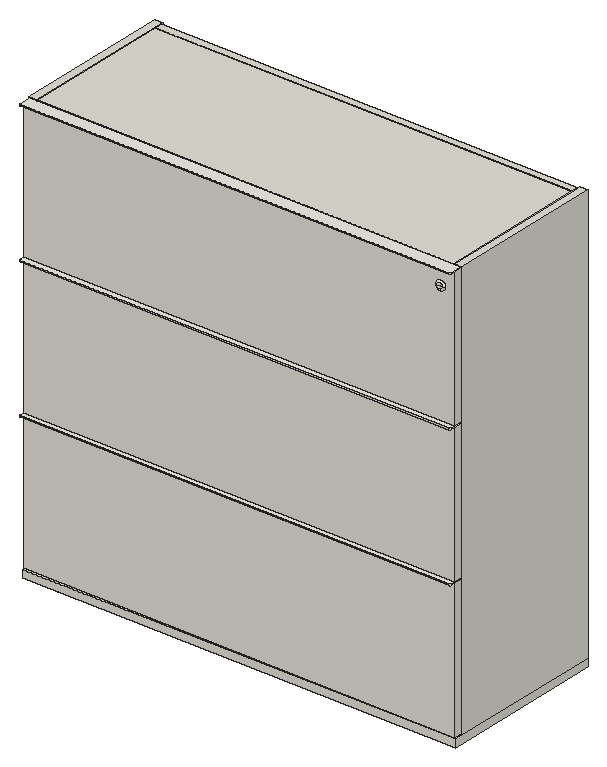
Revit family "Haworth_BeHold_Modular_AttachedLateral", category Furniture Systems, Revit 2018
Family settings
  Round Connector Dimension = Use Diameter
  Part Type = Normal
  OmniClass Number = 23.40.70.14.64.21
  OmniClass Title = Systems Furniture
  Work Plane-Based = No
  Always vertical = Yes
  Cut with Voids When Loaded = No
  Shared = No
  Room Calculation Point = No
Parameters (values of type "F/F/F - Inset Back - 42w")
  With Lock = yes
  With Leg = no
  Wing Pull Length = if(Actual Width < 36", 13 1/8", 16 3/4")  # 16 3/4"
  Wing Pull = no
  Width = 42"
  Warranty = "http://www.haworth.com/resources/product-info/warranties"
  URL - Product = "https://www.haworth.com/na/en/products/active-storage/be-hold.html"
  URL = "www.haworth.com"
  Triple Unit Leg = no
  Trim Finish [instance] = Haworth _ Paint _ Smooth Plaster
  Total Drawer Height = Actual Height - Bottom Case Offset - Case Thickness - 1/4"  # 40 1/2"
  Top Thickness = 3/4"  # constant formula
  Top Drawer Height = if(File File, Bottom Drawer Height, Middle Drawer Height)  # 13.41667"
  Top Drawer Control = not(or(Open with File, Open with Box File))  # yes
  Top Case Front Offset = if(or(Open with File, Open with Box File), 2 1/4", 0")  # 0"
  Top Case Back Control = if(Proud Style, 0", 3/16")  # 3/16"
  Sustainability Info = "https://www.haworth.com/company-info/sustainability"
  Standard Storage Height = if(or(Box File, Open with File), 22", if(or(Box Box File, File File, Open with Box File), 28", 42"))  # 42"
  Size = "Verify Final Dim. w/ Haworth"  # constant formula
  Single Unit Leg = not(or(Double Unit Leg, Triple Unit Leg))  # yes
  Side Case Back Control = if(Proud Style, Case Thickness, 0")  # 0"
  Shelf Offset = if(Open with File, 1/8" + Bottom Drawer Height + 1/16", 1/4" + Bottom Drawer Height + Middle Drawer Height + 1/16")  # 27.14583"
  Shelf Control = or(Open with File, Open with Box File)  # no
  Revision Number = "1"  # constant formula
  Pull Finish [instance] = Haworth _ Paint _ Smooth Plaster
  Proud Style = not(Inset Style)  # no
  Open with File = no
  Open with Box File = no
  Model = "Haworth Be_Hold"  # constant formula
  Min. Width = 24"  # constant formula
  Min. Height = 22"  # constant formula
  Min. Depth = 16"  # constant formula
  Middle Drawer Height = if(File File, (Total Drawer Height - Distance Between Drawer) / 2, if(or(Box File, Open with File, File File File), (Total Drawer Height - Distance Between Drawer) / 3, (Total Drawer Height - Distance Between Drawer) / 4))  # 13.41667"
  Mid Drawer Lock Control = and(With Lock, Open with Box File)  # no
  Leg Height = 6"  # constant formula
  Leg Finish [instance] = Haworth _ Paint _ Sky Blue
  Glide Control = not(or(Actual Single Leg Control, [Actual D/T Leg Control]))  # yes
  File File File = not(or(Box File, Box Box File, File File, Open with File, Open with Box File))  # yes
  Double Unit Leg = no
  Bottom Drawer Offset = Bottom Case Offset + Case Thickness + 1/8"  # 1 3/8"
  Bottom Drawer Lock Control = and(With Lock, Open with File)  # no
  Bottom Drawer Height = if(or(Box File, Open with File), ((Total Drawer Height - Distance Between Drawer) * 2 / 3), if(File File File, ((Total Drawer Height - Distance Between Drawer) / 3), (Total Drawer Height - Distance Between Drawer) / 2))  # 13.41667"
  Middle Drawer Control = not(or(Box File, Open with File, File File))  # yes
  Max. Width = 42"  # constant formula
  Max. Depth = 16"  # constant formula
  Max. Height = 42"  # constant formula
  Manufacturer = "Haworth"  # constant formula
  Linear Pull Length = 8"  # constant formula
  Linear Pull = no
  Inset Style = yes
  Glide Finish = Haworth _ Polymer _ Slate
  Front Finish [instance] = Haworth _ Laminate _ Beige H-34
  Front Edge Finish [instance] = Haworth _ Laminate _ Beige H-34
  File File = no
  Drawer Width = Actual Width - 1/8"  # 41 7/8"
  Distance Between Drawer = if(or(Box File, File File, Open with File), 1/8", 1/4")  # 1/4"
  Description = "Haworth - Be_Hold - Lateral"  # constant formula
  Custom Size = not(or(Width = 24", Width = 30", Width = 36", Width = 42"))  # no
  Cresent Pull = no
  Classic Pull Length = 6 3/4"  # constant formula
  Classic Pull = no
  Case Thickness = 3/4"  # constant formula
  Case Finish [instance] = Haworth _ Laminate _ Beige H-34
  Case Edge Finish [instance] = Haworth _ Laminate _ Beige H-34
  Box File = no
  Box Box File = no
  Bottom Case Offset = if(or(Actual Single Leg Control, [Actual D/T Leg Control]), Leg Height, 1/2")  # 1/2"
  Blade Pull Length = Drawer Width - 1/16"  # 41 13/16"
  Blade Pull = not(or(Cresent Pull, Linear Pull, Classic Pull, Wing Pull))  # yes
  Back Case Side Control = if(Proud Style, 0", Case Thickness)  # 3/4"
  Back Case Back Control = if(Proud Style, 0", 3/16")  # 3/16"
  Author = "Haworth (Alias)"  # constant formula
  Assembly Code = "E2020200"
  Actual Width = if(Width > Max. Width, Max. Width, if(Width < Min. Width, Min. Width, Width))  # 42"
  Actual Single Leg Control = and(With Leg, Single Unit Leg, not(File File File))  # no
  Actual Height = if(or(Actual Single Leg Control, [Actual D/T Leg Control]), Standard Storage Height + Leg Height, Standard Storage Height)  # 42"
  Actual Depth = 16"  # constant formula
  Standard Widths = "24, 30, 36, 42 in."  # constant formula
  Actual D/T Leg Control = and(With Leg, or(Double Unit Leg, Triple Unit Leg), not(File File File))  # no
  16 Deep Leg = Actual Depth = 16"  # yes
Types (8): name | With Leg | Total Drawer Height | Top Drawer Height | Top Drawer Control | Top Case Front Offset | Top Case Back Control | Standard Storage Height | Side Case Back Control | Shelf Offset | Shelf Control | Proud Style | Open with File | Open with Box File | Middle Drawer Height | Mid Drawer Lock Control | Glide Control | File File File | Bottom Drawer Offset | Bottom Drawer Lock Control | Bottom Drawer Height | Middle Drawer Control | Inset Style | File File | Distance Between Drawer | Box File | Box Box File | Bottom Case Offset | Back Case Side Control | Back Case Back Control | Actual Single Leg Control | Actual Height
  B/B/F - Proud Back - 42w | no | 26 1/2" | 6 9/16" | yes | 0" | 0" | 28" | 3/4" | 20" | no | yes | no | no | 6 9/16" | no | yes | no | 1 3/8" | no | 13 1/8" | yes | no | no | 1/4" | no | yes | 1/2" | 0" | 0" | no | 28"
  B/F - Inset Back - 42w | no | 20 1/2" | 6.79167" | yes | 0" | 3/16" | 22" | 0" | 20 11/16" | no | no | no | no | 6.79167" | no | yes | no | 1 3/8" | no | 13.58333" | no | yes | no | 1/8" | yes | no | 1/2" | 3/4" | 3/16" | no | 22"
  O/F - Inset Back - 42w | no | 20 1/2" | 6.79167" | no | 2 1/4" | 3/16" | 22" | 0" | 13.77083" | yes | no | yes | no | 6.79167" | no | yes | no | 1 3/8" | yes | 13.58333" | no | yes | no | 1/8" | no | no | 1/2" | 3/4" | 3/16" | no | 22"
  O/B/F - Proud Back - 42w | no | 26 1/2" | 6 9/16" | no | 2 1/4" | 0" | 28" | 3/4" | 20" | yes | yes | no | yes | 6 9/16" | yes | yes | no | 1 3/8" | no | 13 1/8" | yes | no | no | 1/4" | no | no | 1/2" | 0" | 0" | no | 28"
  F/F - Proud Back - 42w | no | 26 1/2" | 13 3/16" | yes | 0" | 0" | 28" | 3/4" | 26 11/16" | no | yes | no | no | 13 3/16" | no | yes | no | 1 3/8" | no | 13 3/16" | no | no | yes | 1/8" | no | no | 1/2" | 0" | 0" | no | 28"
  F/F/F - Inset Back - 42w | no | 40 1/2" | 13.41667" | yes | 0" | 3/16" | 42" | 0" | 27.14583" | no | no | no | no | 13.41667" | no | yes | yes | 1 3/8" | no | 13.41667" | yes | yes | no | 1/4" | no | no | 1/2" | 3/4" | 3/16" | no | 42"
  O/F - Inset Back - 42w - With Leg | yes | 21" | 6.95833" | no | 2 1/4" | 3/16" | 22" | 0" | 14.10417" | yes | no | yes | no | 6.95833" | no | no | no | 6 7/8" | yes | 13.91667" | no | yes | no | 1/8" | no | no | 6" | 3/4" | 3/16" | yes | 28"
  B/B/F - Proud Back - 42w - With Leg | yes | 27" | 6 11/16" | yes | 0" | 0" | 28" | 3/4" | 20 3/8" | no | yes | no | no | 6 11/16" | no | no | no | 6 7/8" | no | 13 3/8" | yes | no | no | 1/4" | no | yes | 6" | 0" | 0" | yes | 34"
Reference planes (in)
  plane 1: z = 0
  plane 2 "Center L/R": x = -6.17556
  plane 3 "Center F/B": y = -11.5
  plane 4 "Top": z = 42
  plane 5 "Back": y = -3.5
  plane 6 "Front": y = -19.5
  plane 7 "Right": x = 14.82444
  plane 8 "Left": x = -27.17556
  plane 9 "Case Inside Left": x = -26.42556
  plane 10 "Case Inside Right": x = 14.07444
  plane 11 "Case Inside Back": y = -4.25
  plane 12 "Case Bottom": z = 0.5
  plane 13 "Case Inside Front": y = -18.75
  plane 14 "Inside Case Bottom": z = 1.25
  plane 15 "Inside Case Top": z = 41.25
  plane 16 "Top of Top Drawer": z = 41.875
  plane 17 "Bottom of Bottom Drawer": z = 1.375
  plane 18 "Top of Shelf 1": z = 28.39583
  plane 19 "Bottom of Shelf 1": z = 27.64583
Forms (in)
  Sweep 1, solid, material "Haworth _ Polymer _ Slate" <- "Glide Finish", visible <- "Glide Control"
    path origin (-26.42556, 0, 0) x (0, 1, 0) y (0, 0, 1)
      loop
        line (-18.75, 0.5) -> (-18.75, 0)
    profile origin (-26.42556, -18.75, 0.25) x (1, 0, 0) y (0, 1, 0)
      loop
        line (0, 2.00197) -> (0, 0.25)
        arc (0, 0.25) -> (0.07322, 0.07322) -> (0.25, 0) r 0.25
        line (0.25, 0) -> (2.00197, 0)
        arc (2.00197, 0) -> (2.17875, 0.07322) -> (2.25197, 0.25) r 0.25
        line (2.25197, 0.25) -> (2.25197, 0.70079) -> (0.70079, 2.25197) -> (0.25, 2.25197)
        arc (0.25, 2.25197) -> (0.07322, 2.17875) -> (0, 2.00197) r 0.25
  Sweep 2, solid, material "Haworth _ Polymer _ Slate" <- "Glide Finish", visible <- "Glide Control"
    path origin (-26.42556, -23, 0) x (0, -1, 0) y (0, 0, 1)
      loop
        line (-18.75, 0.5) -> (-18.75, 0)
    profile origin (-26.42556, -4.25, 0.25) x (1, 0, 0) y (0, 1, 0)
      loop
        arc (0, -2.00197) -> (0.07322, -2.17875) -> (0.25, -2.25197) r 0.25
        line (0.25, -2.25197) -> (0.70079, -2.25197) -> (2.25197, -0.70079) -> (2.25197, -0.25)
        arc (2.25197, -0.25) -> (2.17875, -0.07322) -> (2.00197, 0) r 0.25
        line (2.00197, 0) -> (0.25, 0)
        arc (0.25, 0) -> (0.07322, -0.07322) -> (0, -0.25) r 0.25
        line (0, -0.25) -> (0, -2.00197)
  Sweep 3, solid, material "Haworth _ Polymer _ Slate" <- "Glide Finish", visible <- "Glide Control"
    path origin (14.07444, 0, 0) x (0, -1, 0) y (0, 0, 1)
      loop
        line (18.75, 0.5) -> (18.75, 0)
    profile origin (14.07444, -18.75, 0.25) x (-1, 0, 0) y (0, -1, 0)
      loop
        arc (0, -2.00197) -> (0.07322, -2.17875) -> (0.25, -2.25197) r 0.25
        line (0.25, -2.25197) -> (0.70079, -2.25197) -> (2.25197, -0.70079) -> (2.25197, -0.25)
        arc (2.25197, -0.25) -> (2.17875, -0.07322) -> (2.00197, 0) r 0.25
        line (2.00197, 0) -> (0.25, 0)
        arc (0.25, 0) -> (0.07322, -0.07322) -> (0, -0.25) r 0.25
        line (0, -0.25) -> (0, -2.00197)
  Sweep 4, solid, material "Haworth _ Polymer _ Slate" <- "Glide Finish", visible <- "Glide Control"
    path origin (14.07444, 0, 0) x (0, -1, 0) y (0, 0, 1)
      loop
        line (4.25, 0.5) -> (4.25, 0)
    profile origin (14.07444, -4.25, 0.25) x (-1, 0, 0) y (0, -1, 0)
      loop
        line (0, 2.00197) -> (0, 0.25)
        arc (0, 0.25) -> (0.07322, 0.07322) -> (0.25, 0) r 0.25
        line (0.25, 0) -> (2.00197, 0)
        arc (2.00197, 0) -> (2.17875, 0.07322) -> (2.25197, 0.25) r 0.25
        line (2.25197, 0.25) -> (2.25197, 0.70079) -> (0.70079, 2.25197) -> (0.25, 2.25197)
        arc (0.25, 2.25197) -> (0.07322, 2.17875) -> (0, 2.00197) r 0.25
  Extrusion 5, solid, material "Haworth _ Laminate _ Beige H-34" <- "Case Finish"
    sketch origin (0, 0, 0) x (1, 0, 0) y (0, 1, 0)
      loop
        line (-27.17556, -3.5) -> (-27.17556, -19.5) -> (14.82444, -19.5) -> (14.82444, -3.5) -> (-27.17556, -3.5)
    from 0.5 to 1.25
  Sweep 6, solid, material "Haworth _ Laminate _ Beige H-34" <- "Case Finish"
    path origin (0, 0, 0.5) x (0, -1, 0) y (1, 0, 0)
      loop
        line (19.5, -27.17556) -> (19.5, -26.42556)
    profile origin (-26.80056, -19.5, 0.5) x (0, 1, 0) y (0, 0, 1)
      loop
        line (0.75, 41.5) -> (0.75, 0.75) -> (16, 0.75) -> (16, 41.5) -> (0.75, 41.5)
  Sweep 7, solid, material "Haworth _ Laminate _ Beige H-34" <- "Case Finish"
    path origin (-12.35111, 0, 0.5) x (0, -1, 0) y (-1, 0, 0)
      loop
        line (19.5, -27.17556) -> (19.5, -26.42556)
    profile origin (14.44944, -19.5, 0.5) x (0, -1, 0) y (0, 0, 1)
      loop
        line (-0.75, 41.5) -> (-16, 41.5) -> (-16, 0.75) -> (-0.75, 0.75) -> (-0.75, 41.5)
  Sweep 8, solid, material "Haworth _ Laminate _ Beige H-34" <- "Case Finish"
    path origin (0, 0, 0.5) x (0, -1, 0) y (1, 0, 0)
      loop
        line (4.4375, -6.17556) -> (3.6875, -6.17556)
    profile origin (-6.17556, -4.0625, 0.5) x (-1, 0, 0) y (0, 0, 1)
      loop
        line (-20.25, 0.75) -> (20.25, 0.75) -> (20.25, 41.5) -> (-20.25, 41.5) -> (-20.25, 0.75)
  Extrusion 9, solid, material "Haworth _ Laminate _ Beige H-34" <- "Case Finish"
    sketch origin (0, 0, 0.5) x (0, -1, 0) y (1, 0, 0)
      loop
        line (4.4375, -26.42556) -> (18.75, -26.42556) -> (18.75, 14.07444) -> (4.4375, 14.07444) -> (4.4375, -26.42556)
    from 40.75 to 41.5
  Extrusion 10, solid, material "Haworth _ Laminate _ Beige H-34" <- "Case Finish", visible <- "Shelf Control"
    sketch origin (0, 0, 0) x (1, 0, 0) y (0, 1, 0)
      loop
        line (-26.42556, -4.25) -> (-26.42556, -18.75) -> (14.07444, -18.75) -> (14.07444, -4.25) -> (-26.42556, -4.25)
    from 27.64583 to 28.39583
Lines and regions (in)
  Masking region 1
    outline origin (0, 0, 41.25) x (0, -1, 0) y (1, 0, 0)
      loop
        line (3.5, -27.17556) -> (19.5, -27.17556) -> (19.5, 14.82444) -> (3.5, 14.82444) -> (3.5, -27.17556)
  symbolic lines, style "Haworth", detail levels medium+fine
    curve 1: line (-27.17556, -18.75, 41.25) -> (14.82444, -18.75, 41.25)
Dimensions and locks (in)
  equal spacing: plane 8 "Left", plane 2 "Center L/R", plane 7 "Right"
  "Actual Width": plane 8 "Left" to plane 7 "Right"
  equal spacing: plane 5 "Back", plane 3 "Center F/B", plane 6 "Front"
  "Actual Depth": plane 5 "Back" to plane 6 "Front"
  "Case Thickness": plane 9 "Case Inside Left" to plane 8 "Left"
  "Case Thickness": plane 10 "Case Inside Right" to plane 7 "Right"
  "Bottom Case Offset": plane 12 "Case Bottom" to plane 1
  "Case Thickness": plane 11 "Case Inside Back" to plane 5 "Back"
  "Case Thickness": plane 6 "Front" to plane 13 "Case Inside Front"
  locked: Sweep 1 sketch curve to plane 12 "Case Bottom" at 0.5
  locked: Sweep 2 sketch curve to plane 12 "Case Bottom" at 0.5
  locked: Sweep 4 sketch curve to plane 12 "Case Bottom" at 0.5
  locked: Sweep 3 sketch curve to plane 12 "Case Bottom" at 0.5
  "Case Thickness": plane 14 "Inside Case Bottom" to plane 12 "Case Bottom"
  "Top Thickness": plane 4 "Top" to plane 15 "Inside Case Top"
  "Side Case Back Control": Sweep 6 sketch curve to plane 5 "Back"
  "Side Case Back Control": Sweep 7 sketch curve to plane 5 "Back"
  "Back Case Side Control": Sweep 8 sketch curve to plane 7 "Right"
  "Back Case Side Control": Sweep 8 sketch curve to plane 8 "Left"
  "Actual Height": plane 4 "Top" to plane 1
  locked: plane 4 "Top" to plane 16 "Top of Top Drawer" at 0.125
  locked: plane 17 "Bottom of Bottom Drawer" to plane 14 "Inside Case Bottom" at 0.125
  locked: nested 2 to nested 1 at 0.125
  "Top Case Front Offset": Extrusion 9 sketch curve to plane 13 "Case Inside Front"
  "Case Thickness": plane 18 "Top of Shelf 1" to plane 19 "Bottom of Shelf 1"
  "Shelf Offset": plane 18 "Top of Shelf 1" to plane 14 "Inside Case Bottom"
  "Back Case Back Control": plane 5 "Back" to Sweep 8 sketch curve
  "Case Thickness": Sweep 8 sketch curve to Sweep 8 sketch curve
  "Top Case Back Control": Extrusion 9 sketch curve to plane 11 "Case Inside Back"
  aligned and locked: Sweep 1 sketch curve to plane 13 "Case Inside Front"
  aligned and locked: plane 12 "Case Bottom" to Sweep 1 sketch curve
  aligned and locked: plane 11 "Case Inside Back" to Sweep 2 sketch curve
  aligned and locked: plane 12 "Case Bottom" to Sweep 2 sketch curve
  aligned and locked: plane 11 "Case Inside Back" to Sweep 4 sketch curve
  aligned and locked: plane 12 "Case Bottom" to Sweep 4 sketch curve
  aligned and locked: Sweep 3 sketch curve to plane 13 "Case Inside Front"
  aligned and locked: plane 12 "Case Bottom" to Sweep 3 sketch curve
  aligned and locked: Extrusion 5 sketch curve to plane 7 "Right"
  aligned and locked: Extrusion 5 sketch curve to plane 5 "Back"
  aligned and locked: plane 8 "Left" to Extrusion 5 sketch curve
  aligned and locked: plane 6 "Front" to Extrusion 5 sketch curve
  aligned and locked: plane 12 "Case Bottom" to Extrusion 5
  aligned and locked: plane 14 "Inside Case Bottom" to Extrusion 5
  aligned and locked: plane 8 "Left" to Sweep 6 sketch curve
  aligned and locked: plane 9 "Case Inside Left" to Sweep 6 sketch curve
  aligned and locked: Sweep 6 sketch curve to plane 6 "Front"
  aligned and locked: Sweep 6 sketch curve to plane 4 "Top"
  aligned and locked: plane 14 "Inside Case Bottom" to Sweep 6 sketch curve
  aligned and locked: plane 6 "Front" to Sweep 7 sketch curve
  aligned and locked: plane 7 "Right" to Sweep 7 sketch curve
  aligned and locked: plane 10 "Case Inside Right" to Sweep 7 sketch curve
  aligned and locked: plane 14 "Inside Case Bottom" to Sweep 7 sketch curve
  aligned and locked: Sweep 7 sketch curve to plane 4 "Top"
  aligned and locked: plane 2 "Center L/R" to Sweep 8 sketch curve
  aligned and locked: plane 4 "Top" to Sweep 8 sketch curve
  aligned and locked: Sweep 8 sketch curve to plane 14 "Inside Case Bottom"
  aligned and locked: plane 10 "Case Inside Right" to Extrusion 9 sketch curve
  aligned and locked: plane 9 "Case Inside Left" to Extrusion 9 sketch curve
  aligned and locked: plane 4 "Top" to Extrusion 9
  aligned and locked: plane 15 "Inside Case Top" to Extrusion 9
  aligned and locked: Masking region 1 sketch curve to plane 7 "Right"
  aligned and locked: Masking region 1 sketch curve to plane 5 "Back"
  aligned and locked: plane 8 "Left" to Masking region 1 sketch curve
  aligned and locked: plane 6 "Front" to Masking region 1 sketch curve
  aligned and locked: curve 1 to plane 13 "Case Inside Front"
  aligned and locked: plane 13 "Case Inside Front" to Sweep 7 sketch curve
  aligned and locked: plane 13 "Case Inside Front" to Sweep 6 sketch curve
  aligned and locked: nested 3 to plane 16 "Top of Top Drawer"
  aligned and locked: plane 6 "Front" to nested 1
  aligned and locked: plane 6 "Front" to nested 2
  aligned and locked: plane 6 "Front" to nested 3
  aligned and locked: plane 2 "Center L/R" to nested 3
  aligned and locked: plane 2 "Center L/R" to nested 2
  aligned and locked: plane 2 "Center L/R" to nested 1
  aligned and locked: plane 10 "Case Inside Right" to Extrusion 10 sketch curve
  aligned and locked: plane 11 "Case Inside Back" to Extrusion 10 sketch curve
  aligned and locked: plane 13 "Case Inside Front" to Extrusion 10 sketch curve
  aligned and locked: plane 9 "Case Inside Left" to Extrusion 10 sketch curve
  aligned and locked: plane 18 "Top of Shelf 1" to Extrusion 10
  aligned and locked: Extrusion 10 to plane 19 "Bottom of Shelf 1"
  aligned and locked: plane 3 "Center F/B" to nested 4
  aligned and locked: nested 4 to plane 12 "Case Bottom"
  aligned and locked: plane 2 "Center L/R" to nested 4
Automatic sketch dimensions
  Sweep 1 sketch curve to plane 9 "Case Inside Left" = 0"
  profile plane to Sweep 1 sketch curve = 0"
  plane 9 "Case Inside Left" to Sweep 1 sketch curve = 1/4"
  Sweep 1 sketch curve to Sweep 1 sketch curve = 1/4"
  Sweep 1 sketch curve to Sweep 1 sketch curve = 0.45079"  (x2)
  Sweep 1 sketch curve to profile plane = 1/4"
  Sweep 1 sketch curve to Sweep 1 sketch curve = 1.75197"  (x2)
  Sweep 2 sketch curve to plane 9 "Case Inside Left" = 0"
  profile plane to Sweep 2 sketch curve = 0"
  Sweep 2 sketch curve to Sweep 2 sketch curve = 1/4"  (x2)
  Sweep 2 sketch curve to Sweep 2 sketch curve = 0.45079"  (x2)
  profile plane to Sweep 2 sketch curve = 1/4"
  Sweep 2 sketch curve to Sweep 2 sketch curve = 1.75197"  (x2)
  Sweep 3 sketch curve to plane 10 "Case Inside Right" = 0"
  Sweep 3 sketch curve to profile plane = 0"
  plane 10 "Case Inside Right" to Sweep 3 sketch curve = 1/4"  (x2)
  Sweep 3 sketch curve to Sweep 3 sketch curve = 0.45079"  (x2)
  profile plane to Sweep 3 sketch curve = 1/4"
  Sweep 3 sketch curve to Sweep 3 sketch curve = 1.75197"  (x2)
  Sweep 4 sketch curve to plane 10 "Case Inside Right" = 0"
  Sweep 4 sketch curve to profile plane = 0"
  plane 10 "Case Inside Right" to Sweep 4 sketch curve = 1/4"  (x2)
  Sweep 4 sketch curve to Sweep 4 sketch curve = 0.45079"  (x2)
  Sweep 4 sketch curve to profile plane = 1/4"
  Sweep 4 sketch curve to Sweep 4 sketch curve = 1.75197"  (x2)
  curve 1 to plane 7 "Right" = 0"
  curve 1 to plane 8 "Left" = 0"
Nested families (in)
  nested 1: "Haworth_BeHold_Drawer_PART" at (-6.17556, -18.36287, 1.375), Drawer Height <- "Bottom Drawer Height", built-in parameter 1001364 <- "Bottom Drawer Offset", With Lock <- "Bottom Drawer Lock Control", type "Haworth_Drawer"
    with With Lock no, Pull Height 13.41667", Drawer Height 13.41667", Wing Pull Length 16 3/4", Wing Pull no, Drawer Width 41 7/8", Blade Pull Length 41 13/16", Blade Pull yes
  nested 2: "Haworth_BeHold_Drawer_PART" at (-6.17556, -18.36287, 14.91667), Drawer Height <- "Middle Drawer Height", visible <- "Middle Drawer Control", With Lock <- "Mid Drawer Lock Control", type "Haworth_Drawer"
    with With Lock no, Pull Height 13.41667", Drawer Height 13.41667", Wing Pull Length 16 3/4", Wing Pull no, Drawer Width 41 7/8", Blade Pull Length 41 13/16", Blade Pull yes
  nested 3: "Haworth_BeHold_Drawer_PART" at (-6.17556, -18.36287, 28.45833), Drawer Height <- "Top Drawer Height", visible <- "Top Drawer Control", With Lock <- "With Lock", type "Haworth_Drawer"
    with With Lock yes, Pull Height 13.41667", Drawer Height 13.41667", Wing Pull Length 16 3/4", Wing Pull no, Drawer Width 41 7/8", Blade Pull Length 41 13/16", Blade Pull yes
  nested 4: "Haworth_BeHold_Leg_Single_PART" at (0, 0, -5.5), Trim Finish <- "Leg Finish", visible <- "Actual Single Leg Control", type "Leg"
    with Trim Finish Haworth _ Paint _ Sky Blue, Width 42", Actual Width 36", Actual Depth 12 123/128", 24" Deep no, 16" Deep yes
Definition of nested family "Haworth_BeHold_Drawer_PART"
  Parameters (values of type "Haworth_Drawer")
    With Lock [instance] = yes
    Wing Pull Length = 6 1/2"
    Wing Pull = yes
    Warranty = "http://www.haworth.com/resources/product-info/warranties"
    URL - Product = ""
    URL = "www.haworth.com"
    Trim Finish = none
    Revision Number = "1"  # constant formula
    Pull Height [instance] = if(or(Wing Pull, Blade Pull), Drawer Height, Drawer Height - 1 21/32")  # 12"
    Pull Finish = none
    Note = "Verify Final Dim. w/ Haworth"  # constant formula
    Model = "Haworth Be_Hold"  # constant formula
    Manufacturer = "Haworth"  # constant formula
    Lock Offset Top = 1 21/32"  # constant formula
    Lock Offset Side = 1 3/8"  # constant formula
    Linear Pull = no
    Front Finish = none
    Front Edge Finish = none
    Drawer Width = 15 1/2"
    Drawer Height [instance] = 12"
    Description = "Haworth - Be_Hold - Drawer"
    Cresent Pull = no
    Classic Pull Length = 6 3/4"
    Classic Pull = no
    Blade Pull Length = 15 7/16"
    Blade Pull = no
    Linear Pull Length = 8"
    Author = "Haworth (Alias)"  # constant formula
    Assembly Code = ""
  Reference planes (in)
    plane 1 "Drawer Back": y = -0.26213
    plane 2: z = 0
    plane 3 "Center L/R": x = 0
    plane 4 "Drawer Front": y = -1.13713
    plane 5 "Left": x = -7.75
    plane 6 "Right": x = 7.75
    plane 7 "Top": z = 12
    plane 8 "Hardware Start": y = -0.38713
    plane 9 "Lock Side": x = 6.375
    plane 10 "Lock Horizontal": z = 10.34375
  Forms (in)
    Extrusion 1, solid, material <- "Front Finish"
      sketch origin (0, -1.13713, 0) x (-1, 0, 0) y (0, 0, 1)
        loop
          line (-7.75, 12) -> (-7.75, 0) -> (7.75, 0) -> (7.75, 12) -> (-7.75, 12)
      from 0 to 0.75
    Revolve 2, solid, material <- "Trim Finish", visible <- "With Lock"
      sketch origin (0, 0, 10.34375) x (-1, 0, 0) y (0, -1, 0)
        loop
          line (-6.375, 1.13713) -> (-6.375, 1.2621) -> (-6.68756, 1.2621)
          arc (-6.68756, 1.2621) -> (-6.77593, 1.2255) -> (-6.81253, 1.13713) r 0.12497
          line (-6.81253, 1.13713) -> (-6.375, 1.13713)
        axis (-6.375, 1.13713) -> (-6.375, 1.2621)
      angle from 0 to 360
  Lines and regions (in)
    Masking region 1
      outline origin (0, 0, 10.34375) x (-1, 0, 0) y (0, -1, 0)
        loop
          line (7.75, 0.38713) -> (7.75, 1.13713) -> (-7.75, 1.13713) -> (-7.75, 0.38713) -> (7.75, 0.38713)
  Dimensions and locks (in)
    equal spacing: plane 5 "Left", plane 3 "Center L/R", plane 6 "Right"
    "Drawer Width": plane 5 "Left" to plane 6 "Right"
    "Drawer Height": plane 7 "Top" to level
    locked: plane 1 "Drawer Back" to plane 8 "Hardware Start" at 0.125
    plane 4 "Drawer Front" to plane 1 "Drawer Back" = 7/8"
    plane 4 "Drawer Front" to plane 8 "Hardware Start" = 3/4"
    "Lock Offset Side": plane 9 "Lock Side" to plane 6 "Right"
    "Lock Offset Top": plane 7 "Top" to plane 10 "Lock Horizontal"
    locked: Revolve 2 sketch curve to plane 4 "Drawer Front" at 0.12497
    locked: plane 9 "Lock Side" to Revolve 2 sketch curve at 0.43753
    aligned and locked: Extrusion 1 sketch curve to plane 6 "Right"
    aligned and locked: plane 7 "Top" to Extrusion 1 sketch curve
    aligned and locked: Extrusion 1 sketch curve to plane 5 "Left"
    aligned and locked: Extrusion 1 sketch curve to plane 2
    aligned and locked: Extrusion 1 to plane 8 "Hardware Start"
    aligned and locked: Extrusion 1 to plane 4 "Drawer Front"
    aligned and locked: plane 9 "Lock Side" to Revolve 2 sketch curve  (x2)
    aligned and locked: Revolve 2 sketch curve to plane 4 "Drawer Front"
    aligned and locked: plane 3 "Center L/R" to nested 1
    aligned and locked: nested 1 to plane 4 "Drawer Front"
    aligned and locked: plane 6 "Right" to Masking region 1 sketch curve
    aligned and locked: plane 8 "Hardware Start" to Masking region 1 sketch curve
    aligned and locked: plane 4 "Drawer Front" to Masking region 1 sketch curve
    aligned and locked: plane 5 "Left" to Masking region 1 sketch curve
  Automatic sketch dimensions
    plane 8 "Hardware Start" to Revolve 2 sketch curve = 0.19925"
    Revolve 2 sketch curve to Revolve 2 sketch curve = 0.41501"
  Nested families (in)
    nested 1: "Haworth_Drawer-Pulls_PART" at (0, -1.13713, 12), built-in parameter 1001364 <- "Pull Height", type "Pull"
      with Wing yes, Linear no
  Definition of nested family "Haworth_Drawer-Pulls_PART"
    Parameters (values of type "Pull")
      Wing Pull Length = 6 1/2"
      Wing = no
      Warranty = "https://www.haworth.com/resources/product-info/warranties"
      URL = "https://www.haworth.com"
      Trim Finish = none
      Revision Number = "1"  # constant formula
      Model = "Haworth Be_Hold"  # constant formula
      Manufacturer = "Haworth"  # constant formula
      Linear Pull Length = 8"
      Linear = yes
      Description = "Haworth - Be_Hold - Pull Part"
      Cresent = no
      Classic Pull Length = 6 3/4"
      Classic = no
      Blade Pull Length = 15 7/16"
      Blade = no
      Author = "Haworth (Alias)"  # constant formula
      Assembly Code = ""
    Reference planes (in)
      plane 1 "Center Front/Back": y = 0
      plane 2: z = 0
      plane 3 "Center Left/Right": x = 0
      plane 4 "Classic Left": x = -3.375
      plane 5 "Classic Right": x = 3.375
      plane 6 "Linear Left": x = -4
      plane 7 "Linear Right": x = 4
      plane 8 "Wing Right": x = 3.25001
      plane 9 "Wing Left": x = -3.25001
      plane 10 "Blade Left": x = -7.71875
      plane 11 "Blade Right": x = 7.71875
    Forms (in)
      Extrusion 1, solid, material <- "Trim Finish", visible <- "Linear"
        sketch origin (0, 0, 0.125) x (1, 0, 0) y (0, 1, 0)
          loop
            line (-4, 0) -> (-4, -1.25) -> (4, -1.25) -> (4, 0) -> (3, 0) -> (3, -1) -> (-3, -1) -> (-3, 0) -> (-4, 0)
        from 0 to -0.25
      Extrusion 2, solid, material <- "Trim Finish", visible <- "Classic"
        sketch origin (0, 0, 0.375) x (1, 0, 0) y (0, 0, 1)
          loop
            line (-3.375, 0) -> (-3.375, -0.75)
            arc (-3.375, -0.75) -> (-3, -0.375) -> (-3.375, 0) r 0.375
        from 0 to 1
      Extrusion 3, solid, material <- "Trim Finish", visible <- "Classic"
        sketch origin (0, 0, 0.375) x (-1, 0, 0) y (0, 0, -1)
          loop
            arc (-3.375, 0.00132) -> (-3.00132, 0.375) -> (-3.375, 0.74868) r 0.37368
            line (-3.375, 0.74868) -> (-3.375, 0.00132)
        from 0 to 1
      Extrusion 4, solid, material <- "Trim Finish", visible <- "Classic"
        sketch origin (0, 0, 0.375) x (1, 0, 0) y (0, 0, 1)
          loop
            line (-3.375, 0) -> (-3.375, -0.75) -> (3.375, -0.75) -> (3.375, 0) -> (-3.375, 0)
        from 1 to 1.25
      Sweep 5, solid, material <- "Trim Finish", visible <- "Cresent"
        path origin (0, 0, 0) x (1, 0, 0) y (0, 1, 0)
          loop
            arc (-3.75002, 0) -> (-0.00002, -1.25) -> (3.74998, 0) r 6.25
        profile origin (-0.00002, -1.25, 0) x (0, 1, 0) y (0, 0, 1)
          loop
            circle (0.125, 0) r 0.125
      Sweep 6, solid, material <- "Trim Finish", visible <- "Wing"
        path origin (0, 0, 0) x (1, 0, 0) y (0, 1, 0)
          loop
            line (3.25001, 0) -> (-3.25001, 0)
        profile origin (0, 0, 0) x (0, -1, 0) y (0, 0, 1)
          loop
            line (0, -0.055) -> (0.7144, -0.45418)
            arc (0.7144, -0.45418) -> (0.85453, -0.40762) -> (0.79557, -0.27225) r 0.10001
            line (0.79557, -0.27225) -> (0, 0) -> (0, -0.055)
      Extrusion 7, void
        sketch origin (0, 0, 0) x (1, 0, 0) y (0, 1, 0)
          loop
            line (-3.25001, 0) -> (-3.25001, -0.92709) -> (-2.91255, -0.92709) -> (-3.25001, 0)
          loop
            line (3.25001, 0) -> (2.91255, -0.92709) -> (3.25001, -0.92709) -> (3.25001, 0)
        from -1 to 0.5
      Sweep 8, solid, material <- "Trim Finish", visible <- "Blade"
        path origin (0, 0, 0) x (1, 0, 0) y (0, 0, 1)
          loop
            line (0, 0) -> (0, 0.09375)
        profile origin (0, 0, 0.04687) x (-1, 0, 0) y (0, -1, 0)
          loop
            line (7.71875, -0.75) -> (7.71875, 0.40579)
            arc (7.71875, 0.40579) -> (7.682, 0.4945) -> (7.59329, 0.53125) r 0.12546
            line (7.59329, 0.53125) -> (-7.59361, 0.53125)
            arc (-7.59361, 0.53125) -> (-7.6821, 0.4946) -> (-7.71875, 0.40611) r 0.12514
            line (-7.71875, 0.40611) -> (-7.71875, -0.75) -> (7.71875, -0.75)
    Cuts and joins
      Extrusion 7 cuts Extrusion 4
      joined: Extrusion 2, Extrusion 3, Extrusion 4
      Extrusion 7 cuts Sweep 6
    Lines and regions (in)
      symbolic lines, detail levels fine
        curve 1: line (-4, 0, 0) -> (4, 0, 0)
    Dimensions and locks (in)
      equal spacing: plane 4 "Classic Left", plane 3 "Center Left/Right", plane 5 "Classic Right"
      "Classic Pull Length": plane 4 "Classic Left" to plane 5 "Classic Right"
      locked: Extrusion 1 sketch curve to Extrusion 1 sketch curve at 1  (x2)
      equal spacing: plane 6 "Linear Left", plane 3 "Center Left/Right", plane 7 "Linear Right"
      "Linear Pull Length": plane 6 "Linear Left" to plane 7 "Linear Right"
      locked: profile plane to Sweep 5 sketch curve at 0.125
      locked: plane 9 "Wing Left" to Extrusion 7 sketch curve at 0.33745
      locked: Extrusion 7 sketch curve to plane 1 "Center Front/Back" at 0.92709
      locked: plane 1 "Center Front/Back" to Extrusion 7 sketch curve at 0.92709
      Extrusion 7 sketch curve to plane 8 "Wing Right" = 0.33745"
      equal spacing: plane 11 "Blade Right", plane 3 "Center Left/Right", plane 10 "Blade Left"
      "Blade Pull Length": plane 11 "Blade Right" to plane 10 "Blade Left"
      locked: Sweep 8 sketch curve to plane 2 at 0.09375
      locked: Sweep 8 sketch curve to plane 1 "Center Front/Back" at 0.75
      locked: Sweep 8 sketch curve to plane 1 "Center Front/Back" at 0.53125
      equal spacing: plane 8 "Wing Right", plane 3 "Center Left/Right", plane 9 "Wing Left"
      "Wing Pull Length": plane 8 "Wing Right" to plane 9 "Wing Left"
      aligned and locked: plane 4 "Classic Left" to Extrusion 4 sketch curve
      aligned and locked: plane 5 "Classic Right" to Extrusion 4 sketch curve
      aligned and locked: plane 5 "Classic Right" to Extrusion 3 sketch curve
      aligned and locked: Extrusion 2 sketch curve to plane 4 "Classic Left"
      aligned and locked: Extrusion 1 sketch curve to plane 7 "Linear Right"
      aligned and locked: Extrusion 1 sketch curve to plane 6 "Linear Left"
      aligned and locked: plane 2 to Sweep 5 sketch curve
      aligned and locked: profile plane to plane 2
      aligned and locked: Sweep 6 sketch curve to plane 1 "Center Front/Back"
      aligned and locked: plane 8 "Wing Right" to Sweep 6 sketch curve
      aligned and locked: plane 9 "Wing Left" to Sweep 6 sketch curve
      aligned and locked: Extrusion 7 sketch curve to plane 9 "Wing Left"
      aligned and locked: Extrusion 7 sketch curve to plane 8 "Wing Right"
      aligned and locked: plane 2 to Sweep 8 sketch curve
      aligned and locked: Sweep 8 sketch curve to plane 10 "Blade Left"
      aligned and locked: Sweep 8 sketch curve to plane 11 "Blade Right"
      aligned and locked: plane 1 "Center Front/Back" to curve 1
      aligned and locked: plane 7 "Linear Right" to curve 1
      aligned and locked: plane 6 "Linear Left" to curve 1
    Automatic sketch dimensions
      Extrusion 2 sketch curve to level = 0"
      Extrusion 2 sketch curve to level = 3/8"
      Extrusion 3 sketch curve to level = 0"
      level to Extrusion 3 sketch curve = 0.37368"
      Extrusion 4 sketch curve to level = 3/8"
      level to Extrusion 4 sketch curve = 3/8"
      plane 1 "Center Front/Back" to Extrusion 1 sketch curve = 0"  (x2)
      plane 1 "Center Front/Back" to Extrusion 1 sketch curve = 1"
      Extrusion 1 sketch curve to Extrusion 1 sketch curve = 1/4"
      plane 1 "Center Front/Back" to Sweep 5 sketch curve = 0"  (x2)
      Sweep 5 sketch curve to plane 3 "Center Left/Right" = 0.00002"
      Sweep 5 sketch curve to plane 1 "Center Front/Back" = 5"
      Sweep 5 sketch curve to plane 6 "Linear Left" = 0.24998"
      Sweep 6 sketch curve to profile plane = 0"
      Sweep 6 sketch curve to profile plane = 0.7144"
      Sweep 6 sketch curve to Sweep 6 sketch curve = 0.04879"
      Sweep 6 sketch curve to Sweep 6 sketch curve = 0.03238"
      Sweep 6 sketch curve to level = 0.45418"
      Sweep 6 sketch curve to Sweep 6 sketch curve = 0.08731"
      Sweep 6 sketch curve to Sweep 6 sketch curve = 0.27225"
      Sweep 6 sketch curve to Sweep 6 sketch curve = 0.055"
      plane 1 "Center Front/Back" to Extrusion 7 sketch curve = 0"  (x2)
      Sweep 8 sketch curve to plane 3 "Center Left/Right" = 0"
      Sweep 8 sketch curve to Sweep 8 sketch curve = 0.12514"
      Sweep 8 sketch curve to Sweep 8 sketch curve = 0.12546"
      radius of Sweep 5 sketch curve = 1/8"
Definition of nested family "Haworth_BeHold_Leg_Single_PART"
  Parameters (values of type "Leg")
    Width = 18"
    Warranty = "http://www.haworth.com/resources/product-info/warranties"
    URL - Product = ""
    URL = "www.haworth.com"
    Trim Finish [instance] = none
    Sustainability Info = "https://www.haworth.com/company-info/sustainability"
    Stretcher Bar = Actual Width > 42"  # no
    Standard Widths = "18-72 in. @ 6 in. increments"  # constant formula
    Size = "Verify Final Dim. w/ Haworth"  # constant formula
    Revision Number = "1"  # constant formula
    Model = "Haworth Be_Hold"  # constant formula
    Min. Width = 18"  # constant formula
    Min. Depth = 16"  # constant formula
    Max. Width = 72"  # constant formula
    Max. Depth = 24"  # constant formula
    Manufacturer = "Haworth"  # constant formula
    Glide Finish = none
    Description = "Haworth - Be_Hold - Legs"
    Custom Size = not(or(Width = 18", Width = 24", Width = 30", Width = 36", Width = 42", Width = 48", Width = 54", Width = 60", Width = 66", Width = 72"))  # no
    Author = "Haworth (Alias)"  # constant formula
    Assembly Code = "E2020200"
    Actual Width = if(Width < Min. Width, Min. Width - 6", if(Width > Max. Width, Max. Width - 6", Width - 6"))  # 12"
    Actual Height = 6"  # constant formula
    Actual Depth = if([16" Deep], 15 123/128" - 3", 23 87/128" - 3")  # 20 87/128"
    Standard Depths = "16, 24 in."  # constant formula
    24" Deep = not([16" Deep])  # yes
    16" Deep = no
  Reference planes (in)
    plane 1: z = 0
    plane 2 "Center L/R": x = -6.17556
    plane 3 "Center F/B": y = -11.5
    plane 4 "Top": z = 6
    plane 5 "Front": y = -21.83984
    plane 6 "Back": y = -1.16016
    plane 7 "Left": x = -12.17556
    plane 8 "Right": x = -0.17556
  Forms (in)
    Sweep 1, solid, material <- "Trim Finish", visible <- "Stretcher Bar"
      path origin (0, 0, 6) x (1, 0, 0) y (0, 1, 0)
        loop
          line (-0.17556, -11.5) -> (-12.17556, -11.5)
      profile origin (-6.17556, -11.5, 6) x (0, -1, 0) y (0, 0, 1)
        loop
          line (0.25, 0) -> (-0.25, 0)
          arc (-0.25, 0) -> (-0.42678, -0.07322) -> (-0.5, -0.25) r 0.25
          line (-0.5, -0.25) -> (-0.5, -1.74812)
          arc (-0.5, -1.74812) -> (-0.42678, -1.9249) -> (-0.25, -1.99812) r 0.25
          line (-0.25, -1.99812) -> (0.25, -1.99812)
          arc (0.25, -1.99812) -> (0.42678, -1.9249) -> (0.5, -1.74812) r 0.25
          line (0.5, -1.74812) -> (0.5, -0.25)
          arc (0.5, -0.25) -> (0.42678, -0.07322) -> (0.25, 0) r 0.25
  Dimensions and locks (in)
    "Actual Height": plane 4 "Top" to plane 1
    equal spacing: plane 5 "Front", plane 3 "Center F/B", plane 6 "Back"
    "Actual Depth": plane 5 "Front" to plane 6 "Back"
    equal spacing: plane 7 "Left", plane 2 "Center L/R", plane 8 "Right"
    "Actual Width": plane 7 "Left" to plane 8 "Right"
    locked: plane 4 "Top" to Sweep 1 sketch curve at 1.99812
    Sweep 1 sketch curve to plane 3 "Center F/B" to Sweep 1 sketch curve = 1/2" locked, 1/2" locked
    aligned and locked: plane 1 to nested 1
    aligned and locked: plane 1 to nested 2
    aligned and locked: plane 3 "Center F/B" to nested 2
    aligned and locked: plane 3 "Center F/B" to nested 1
    aligned and locked: plane 7 "Left" to nested 2
    aligned and locked: plane 8 "Right" to nested 1
    aligned and locked: Sweep 1 sketch curve to plane 3 "Center F/B"
    aligned and locked: plane 7 "Left" to Sweep 1 sketch curve
    aligned and locked: plane 8 "Right" to Sweep 1 sketch curve
    aligned and locked: Sweep 1 sketch curve to profile plane
  Automatic sketch dimensions
    profile plane to Sweep 1 sketch curve = 1/4"  (x2)
    Sweep 1 sketch curve to profile plane = 1/4"
    Sweep 1 sketch curve to plane 4 "Top" = 1/4"
  Nested families (in)
    nested 1: "Haworth_BeHold_LegAssemblies_PART2" at (6, 0, 0), type "Leg"
    nested 2: "Haworth_BeHold_LegAssemblies_PART2" at (-6, 0, 0), type "Leg"
  Definition of nested family "Haworth_BeHold_LegAssemblies_PART2"
    Parameters (values of type "Leg")
      Warranty = "http://www.haworth.com/resources/product-info/warranties"
      URL - Product = ""
      URL = "www.haworth.com"
      Trim Finish = none
      Sustainability Info = "https://www.haworth.com/company-info/sustainability"
      Size = "Verify Final Dim. w/ Haworth"  # constant formula
      Revision Number = "1"  # constant formula
      Model = "Haworth Be_Hold"  # constant formula
      Min. Depth = 16"  # constant formula
      Max. Depth = 24"  # constant formula
      Manufacturer = "Haworth"  # constant formula
      Glide Finish = none
      Description = "Haworth - Be_Hold - Leg"
      Author = "Haworth (Alias)"  # constant formula
      Assembly Code = "E2020200"
      Actual Width = 1 1/8"  # constant formula
      Actual Height = 6"  # constant formula
      Actual Depth = if([16" Deep], 15 123/128" - 3", 23 87/128" - 3")  # 20 87/128"
      24" Deep = not([16" Deep])  # yes
      16" Deep = no
    Reference planes (in)
      plane 1: z = 0
      plane 2 "Center L/R": x = -6.17556
      plane 3 "Center F/B": y = -11.5
      plane 4 "Top": z = 6
      plane 5 "Front": y = -21.83984
      plane 6 "Back": y = -1.16016
      plane 7 "Glide Top": z = 0.1875
      plane 8: z = 5.84375
    Forms (in)
      Extrusion 1, solid, material <- "Glide Finish"
        sketch origin (0, 0, 0) x (1, 0, 0) y (0, 1, 0)
          loop
            circle (-6.17556, -21.83984) r 0.50018
        from 0 to 0.1875
      Extrusion 2, solid, material <- "Glide Finish"
        sketch origin (0, 12.92999, 0) x (1, 0, 0) y (0, 1, 0)
          loop
            circle (-6.17556, -14.09015) r 0.50018
        from 0 to 0.1875
      Extrusion 3, solid, material <- "Trim Finish"
        sketch origin (0, 0, 0) x (1, 0, 0) y (0, 1, 0)
          loop
            arc (-6.73806, -21.83984) -> (-6.17556, -22.40234) -> (-5.61306, -21.83984) r 0.5625
            line (-5.61306, -21.83984) -> (-6.73806, -21.83984)
        from 0.1875 to 6
      Extrusion 4, solid, material <- "Trim Finish"
        sketch origin (0, -23, 0) x (1, 0, 0) y (0, 1, 0)
          loop
            line (-6.73806, 21.83984) -> (-5.61306, 21.83984)
            arc (-5.61306, 21.83984) -> (-6.17556, 22.40234) -> (-6.73806, 21.83984) r 0.5625
        from 0.1875 to 6
      Sweep 5, solid, material <- "Trim Finish"
        path origin (-6.17556, 0, 0) x (0, 1, 0) y (0, 0, 1)
          loop
            line (-1.72266, 0.1875) -> (-1.72266, 3.12718)
            arc (-1.72266, 3.12718) -> (-1.94233, 3.65751) -> (-2.47266, 3.87718) r 0.75
            line (-2.47266, 3.87718) -> (-20.52734, 3.87718)
            arc (-20.52734, 3.87718) -> (-21.05767, 3.65751) -> (-21.27734, 3.12718) r 0.75
            line (-21.27734, 3.12718) -> (-21.27734, 0.1875)
        profile origin (-6.17556, -21.27734, 1.65734) x (1, 0, 0) y (0, 1, 0)
          loop
            line (-0.5625, -0.5625) -> (0.5625, -0.5625)
            arc (0.5625, -0.5625) -> (0, 0) -> (-0.5625, -0.5625) r 0.5625
      Sweep 6, solid, material <- "Trim Finish"
        path origin (0, 0, 0) x (1, 0, 0) y (0, 1, 0)
          loop
            line (-5.61306, -11.5) -> (-6.73806, -11.5)
        profile origin (-6.17556, -11.5, 0) x (0, -1, 0) y (0, 0, 1)
          loop
            line (10.33984, 6) -> (-10.33984, 6) -> (-10.33984, 3.12718)
            arc (-10.33984, 3.12718) -> (-9.95542, 4.05525) -> (-9.02734, 4.43968) r 1.3125
            line (-9.02734, 4.43968) -> (9.02734, 4.43968)
            arc (9.02734, 4.43968) -> (9.95542, 4.05525) -> (10.33984, 3.12718) r 1.3125
            line (10.33984, 3.12718) -> (10.33984, 6)
      Extrusion 7, solid, material <- "Trim Finish"
        sketch origin (0, 0, 0) x (1, 0, 0) y (0, 1, 0)
          loop
            arc (-7.55056, -1.59766) -> (-7.90411, -1.7441) -> (-8.05056, -2.09766) r 0.5
            line (-8.05056, -2.09766) -> (-8.05056, -3.84196)
            arc (-8.05056, -3.84196) -> (-7.9021, -4.20037) -> (-7.54368, -4.34883) r 0.50687
            line (-7.54368, -4.34883) -> (-4.80743, -4.34883)
            arc (-4.80743, -4.34883) -> (-4.44902, -4.20037) -> (-4.30056, -3.84196) r 0.50687
            line (-4.30056, -3.84196) -> (-4.30056, -2.09766)
            arc (-4.30056, -2.09766) -> (-4.447, -1.7441) -> (-4.80056, -1.59766) r 0.5
            line (-4.80056, -1.59766) -> (-7.55056, -1.59766)
        from 5.84375 to 6
      Extrusion 8, solid, material <- "Trim Finish"
        sketch origin (0, -23, 0) x (1, 0, 0) y (0, 1, 0)
          loop
            line (-7.55056, 1.59766) -> (-4.80056, 1.59766)
            arc (-4.80056, 1.59766) -> (-4.447, 1.7441) -> (-4.30056, 2.09766) r 0.5
            line (-4.30056, 2.09766) -> (-4.30056, 3.84196)
            arc (-4.30056, 3.84196) -> (-4.44902, 4.20037) -> (-4.80743, 4.34883) r 0.50687
            line (-4.80743, 4.34883) -> (-7.54368, 4.34883)
            arc (-7.54368, 4.34883) -> (-7.9021, 4.20037) -> (-8.05056, 3.84196) r 0.50687
            line (-8.05056, 3.84196) -> (-8.05056, 2.09766)
            arc (-8.05056, 2.09766) -> (-7.90411, 1.7441) -> (-7.55056, 1.59766) r 0.5
        from 5.84375 to 6
    Cuts and joins
      joined: Extrusion 3, Extrusion 4, Sweep 5, Sweep 6, Extrusion 7, Extrusion 8
    Lines and regions (in)
      Masking region 1, detail levels medium+fine
        outline origin (0, 0, 0) x (1, 0, 0) y (0, 1, 0)
          loop
            arc (-5.61411, -1.16016) -> (-6.17556, -0.59871) -> (-6.737, -1.16016) r 0.56145
            line (-6.737, -1.16016) -> (-6.73806, -21.83984)
            arc (-6.73806, -21.83984) -> (-6.17556, -22.40129) -> (-5.61411, -21.83984) r 0.56145
            line (-5.61411, -21.83984) -> (-5.61411, -1.16016)
    Dimensions and locks (in)
      "Actual Height": plane 4 "Top" to plane 1
      locked: plane 7 "Glide Top" to plane 1 at 0.1875
      locked: plane 5 "Front" to Sweep 5 sketch curve at 0.5625
      locked: Sweep 5 sketch curve to plane 6 "Back" at 0.5625
      locked: Sweep 5 sketch curve to plane 4 "Top" at 2.12282
      locked: plane 2 "Center L/R" to Sweep 6 sketch curve at 0.5625
      locked: Sweep 6 sketch curve to plane 2 "Center L/R" at 0.5625
      locked: Sweep 6 sketch curve to plane 4 "Top" at 1.56032
      locked: plane 5 "Front" to Sweep 6 sketch curve at 1.3125
      locked: Sweep 6 sketch curve to plane 6 "Back" at 1.3125
      locked: plane 4 "Top" to plane 8 at 0.15625
      equal spacing: plane 5 "Front", plane 3 "Center F/B", plane 6 "Back"
      "Actual Depth": plane 5 "Front" to plane 6 "Back"
      locked: plane 2 "Center L/R" to Extrusion 7 sketch curve at 1.875
      locked: Extrusion 7 sketch curve to plane 2 "Center L/R" at 1.875
      locked: Extrusion 7 sketch curve to plane 6 "Back" at 0.4375
      locked: Extrusion 7 sketch curve to Extrusion 7 sketch curve at 2.75118
      locked: Extrusion 8 sketch curve to Extrusion 8 sketch curve at 2.75118
      locked: plane 5 "Front" to Extrusion 8 sketch curve at 0.4375
      locked: plane 2 "Center L/R" to Extrusion 8 sketch curve at 1.875
      locked: Extrusion 8 sketch curve to plane 2 "Center L/R" at 1.875
      locked: plane 2 "Center L/R" to Masking region 1 sketch curve at 0.5625
      locked: Masking region 1 sketch curve to plane 2 "Center L/R" at 0.5625
      aligned and locked: plane 5 "Front" to Extrusion 1 sketch curve
      aligned and locked: plane 2 "Center L/R" to Extrusion 1 sketch curve
      aligned and locked: Extrusion 1 to plane 1
      aligned and locked: plane 7 "Glide Top" to Extrusion 1
      aligned and locked: plane 6 "Back" to Extrusion 2 sketch curve
      aligned and locked: plane 2 "Center L/R" to Extrusion 2 sketch curve
      aligned and locked: plane 7 "Glide Top" to Extrusion 2
      aligned and locked: Extrusion 2 to plane 1
      aligned and locked: Extrusion 3 sketch curve to plane 5 "Front"
      aligned and locked: Extrusion 3 to plane 7 "Glide Top"
      aligned and locked: plane 4 "Top" to Extrusion 3
      aligned and locked: plane 6 "Back" to Extrusion 4 sketch curve  (x2)
      aligned and locked: plane 4 "Top" to Extrusion 4
      aligned and locked: Extrusion 4 to plane 7 "Glide Top"
      aligned and locked: plane 7 "Glide Top" to Sweep 5 sketch curve  (x2)
      aligned and locked: Sweep 5 sketch curve to plane 5 "Front"
      aligned and locked: plane 2 "Center L/R" to Sweep 5 sketch curve
      aligned and locked: plane 5 "Front" to Sweep 5 sketch curve
      aligned and locked: Sweep 6 sketch curve to plane 3 "Center F/B"
      aligned and locked: Sweep 6 sketch curve to plane 5 "Front"
      aligned and locked: plane 6 "Back" to Sweep 6 sketch curve
      aligned and locked: Sweep 6 sketch curve to plane 4 "Top"
      aligned and locked: Extrusion 7 to plane 8
      aligned and locked: Extrusion 8 to plane 8
      aligned and locked: plane 4 "Top" to Extrusion 7
      aligned and locked: plane 4 "Top" to Extrusion 8
      aligned and locked: plane 6 "Back" to Masking region 1 sketch curve
      aligned and locked: plane 2 "Center L/R" to Masking region 1 sketch curve  (x2)
      aligned and locked: plane 5 "Front" to Masking region 1 sketch curve
      aligned and locked: plane 2 "Center L/R" to Extrusion 4 sketch curve
      aligned and locked: plane 5 "Front" to Extrusion 3 sketch curve
      aligned and locked: plane 2 "Center L/R" to Extrusion 3 sketch curve
    Automatic sketch dimensions
      Sweep 5 sketch curve to Sweep 5 sketch curve = 3/4"  (x2)
      Sweep 5 sketch curve to plane 2 "Center L/R" = 9/16"
      Extrusion 7 sketch curve to Extrusion 7 sketch curve = 1/2"  (x2)
      Extrusion 7 sketch curve to Extrusion 7 sketch curve = 0.50687"  (x2)
      Extrusion 8 sketch curve to Extrusion 8 sketch curve = 1/2"  (x2)
      Extrusion 8 sketch curve to Extrusion 8 sketch curve = 0.50687"
      Extrusion 8 sketch curve to plane 2 "Center L/R" = 1.36813"
      plane 6 "Back" to Masking region 1 sketch curve = 0"  (x2)
      Masking region 1 sketch curve to plane 5 "Front" = 0"  (x2)
      Masking region 1 sketch curve to plane 2 "Center L/R" = 0.56145"
      Masking region 1 sketch curve to Masking region 1 sketch curve = 0.00105"
      Extrusion 4 sketch curve to Extrusion 4 sketch curve = 9/16"
      plane 2 "Center L/R" to Extrusion 3 sketch curve = 9/16"
      radius of Extrusion 1 sketch curve = 0.50018"
      radius of Extrusion 2 sketch curve = 0.50018"
